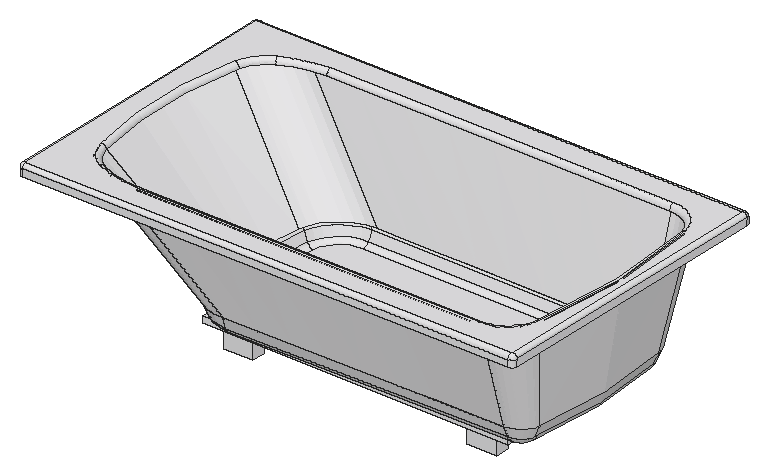
Revit family "Bath-Drop_In-KOHLER-AVEC-K-25832", category Plumbing Fixtures, host Face, Revit 2021
Family settings
  Host = Face
  Round Connector Dimension = Use Diameter
  Part Type = Normal
  OmniClass Number = 23.31.15.00
  OmniClass Title = Bathtubs
  Cut with Voids When Loaded = No
  Shared = No
  Room Calculation Point = No
Parameters (values of type "0-White")
  Width = 36"  # constant formula
  WaterSense Certified = 1 = 0  # no
  Waste Water Outlet = "Waste Water Outlet"  # constant formula
  Waste Connection = 1 = 1  # yes
  Vent Connection = 1 = 0  # no
  URL = "http://www.us.kohler.com/us/"
  Type = 1
  Product Page URL = "http://www.us.kohler.com/us/catalog/productDetails.jsp?productId=25832"
  Product Name = "AVEC"  # constant formula
  Product Documentation Link = "https://www.us.kohler.com/webassets/kpna/catalog/pdf/en/K-25832_spec_US-CA_Kohler_en.pdf"
  Model = if(Type = 1, "K-25832-0", if(Type = 2, "K-25832-96", if(Type = 3, "K-25832-NY", "NA")))  # "K-25832-0"
  Material = "Acrylic"  # constant formula
  Master Format 2014 Name = "Residential Bathtubs"  # constant formula
  Master Format 2014 = "22 41 19"  # constant formula
  Manufacturer Address = "444 Highland Dr.Kohler, WI 53044"  # constant formula
  Manufacturer = "Kohler Co."  # constant formula
  Length = 60"  # constant formula
  Hot Water Inlet = "Hot Water Inlet"  # constant formula
  Height = 18 1/8"  # constant formula
  HW Connection = 1 = 0  # no
  Finish = KOHLER-Acrylic-0-White
  Environmental Product Declaration = ""
  Drain Included = 1 = 1  # yes
  Description = "New Core 60 X 36  Drop-In Bath"  # constant formula
  Default Elevation = 0"
  Declare Label = ""
  Date Modified = "01/05/2023"  # constant formula
  Date Created = "01/05/2023"  # constant formula
  Copyright = "Copyright Kohler Co."  # constant formula
  Contact Us = "https://www.us.kohler.com/us/static/contact.jsp"
  Cold Water Inlet = "Cold Water Inlet"  # constant formula
  CW Connection = 1 = 0  # no
  Assembly Code = "D2010500"
  ADA Compliant = 1 = 0  # no
Reference planes (in)
  plane 1 "Center (Front/Back)": y = 0
  plane 2: z = 0
  plane 3 "Center (Left/Right)": x = 0
  plane 4: y = 18
  plane 5: x = -30
  plane 6: y = -18
  plane 7: x = 30
  plane 8: y = 14.75
  plane 9: y = -14.75
  plane 10: x = -27.40157
  plane 11: x = 28.50394
  plane 12: x = 19.5
  plane 13: z = 1.70703
  plane 14: z = 1.27984
  plane 15: z = -16.84516
  plane 16: z = -15.09713
  plane 17: z = -14.01039
Forms (in)
  Extrusion 1, void
    sketch origin (0, 0, 0) x (1, 0, 0) y (0, 1, 0)
      loop
        arc (-23.5, 16) -> (-27.03553, 14.53553) -> (-28.5, 11) r 5
        line (-28.5, 11) -> (-28.5, -11)
        arc (-28.5, -11) -> (-27.03553, -14.53553) -> (-23.5, -16) r 5
        line (-23.5, -16) -> (24, -16)
        arc (24, -16) -> (27.53553, -14.53553) -> (29, -11) r 5
        line (29, -11) -> (29, 11)
        arc (29, 11) -> (27.53553, 14.53553) -> (24, 16) r 5
        line (24, 16) -> (-23.5, 16)
    from -17.39678 to 0
Dimensions and locks (in)
  "Length": plane 5 to plane 7
  locked: plane 10 to plane 11 at 55.90551
  locked: plane 12 to plane 7 at 10.5
  "Width": plane 6 to plane 4
  locked: plane 8 to plane 9 at 29.5
  "Height": plane 15 to plane 14
  aligned and locked: plane 2 to host face
  aligned and locked: level to host face
  aligned and locked: nested 1 to host face
Automatic sketch dimensions
  host sketch curve to host sketch curve = 96"  (x2)
  Extrusion 1 sketch curve to plane 10 = 1.09843"
  plane 10 to Extrusion 1 sketch curve = 3.90157"  (x2)
  Extrusion 1 sketch curve to plane 12 = 4 1/2"
  Extrusion 1 sketch curve to plane 9 = 1 1/4"
  Extrusion 1 sketch curve to plane 11 = 4.50394"
  plane 11 to Extrusion 1 sketch curve = 0.49606"
  plane 8 to Extrusion 1 sketch curve = 3 3/4"
Nested families (in)
  nested 1: "K-25832" at (0, 0, -16.84221), type "K-25832"
Connectors (in)
  piping at (19.5, 0, -15.09713), diameter 1.5, driven by "Waste Connection", driven by "Waste Water Outlet"
    settings: on nested 1, index 1, connector inside diameter 24", connector length 0", flow factor 0, pipe flow 0 GPM, pressure drop 0.00 psi, fitting loss kfactor 0, connector angle 0.00°, fixture units 0, engagement length 0", angle of deflection 0.00°, flow configuration 0, flow direction 2, fitting loss method 0, system type 16, joint type 0, gender type 0, connector reference index -1, connector utility 1, adjustable connector no, is connector primary yes, connector description "Waste Water Outlet"
Definition of nested family "K-25832"
  Parameters (values of type "K-25832")
    Material = none
    Default Elevation = 0"
  Reference planes (in)
    plane 1 "Center (Front/Back)": y = 0
    plane 2: z = 0
    plane 3 "Center (Left/Right)": x = 0
    plane 4: x = 30
    plane 5: x = -30
    plane 6: y = 18
    plane 7: x = 19.5
    plane 8: x = -27.40157
    plane 9: x = 28.50394
    plane 10 "A": through (-14.96234, -180, 4.16946) normal (0.0349, 0, 0.9994)
    plane 11: z = 1.74508
    plane 12: z = 0
    plane 13: y = -18
    plane 14: y = 14.75
    plane 15: y = -14.75
    plane 16: z = 18.12205
    plane 17: z = 18.54924
    plane 18: z = 16.84221
    plane 19 "1": through (-14.49899, -180, 2.80552) normal (0.0349, 0, 0.9994)
  Forms (in)
    Sweep 1, solid, material <- "Material", detail levels medium+fine
      path origin (0, 0, 0) x (1, 0, 0) y (0, 1, 0)
        loop
          arc (-29.40945, 18) -> (-29.82703, 17.82703) -> (-30, 17.40945) r 0.59055
          line (-30, 17.40945) -> (-30, -17.40945)
          arc (-30, -17.40945) -> (-29.82703, -17.82703) -> (-29.40945, -18) r 0.59055
          line (-29.40945, -18) -> (29.40945, -18)
          arc (29.40945, -18) -> (29.82703, -17.82703) -> (30, -17.40945) r 0.59055
          line (30, -17.40945) -> (30, 17.40945)
          arc (30, 17.40945) -> (29.82703, 17.82703) -> (29.40945, 18) r 0.59055
          line (29.40945, 18) -> (-29.40945, 18)
      profile origin (-30, 0, 0) x (1, 0, 0) y (0, 0, 1)
        loop
          line (0, 17.64961) -> (0, 16.84221) -> (0.47244, 16.84221) -> (0.47244, 18.12205)
          arc (0.47244, 18.12205) -> (0.13837, 17.98367) -> (0, 17.64961) r 0.47244
    Sweep 2, solid, material <- "Material", detail levels medium+fine
      path origin (0, 0, 0) x (1, 0, 0) y (0, 1, 0)
        loop
          arc (-18.30305, 14.75) -> (-21.08723, 14.41501) -> (-23.7125, 13.42917) r 11.73761
          arc (-23.7125, 13.42917) -> (-25.33304, 12.07796) -> (-26.23877, 10.17229) r 4.92126
          arc (-26.23877, 10.17229) -> (-27.40157, 0) -> (-26.23877, -10.17229) r 45.07539
          arc (-26.23877, -10.17229) -> (-25.33304, -12.07796) -> (-23.7125, -13.42917) r 4.92126
          arc (-23.7125, -13.42917) -> (-21.08723, -14.41501) -> (-18.30305, -14.75) r 11.73761
          line (-18.30305, -14.75) -> (23.29724, -14.75)
          arc (23.29724, -14.75) -> (26.09219, -13.72735) -> (27.56715, -11.14238) r 4.33071
          arc (27.56715, -11.14238) -> (28.50394, 0) -> (27.56715, 11.14238) r 66.73359
          arc (27.56715, 11.14238) -> (26.09219, 13.72735) -> (23.29724, 14.75) r 4.33071
          line (23.29724, 14.75) -> (-18.30305, 14.75)
      profile origin (28.50394, 0, 0) x (1, 0, 0) y (0, 0, 1)
        loop
          arc (0, 18.12205) -> (-0.41758, 17.94908) -> (-0.59055, 17.5315) r 0.59055
          line (-0.59055, 17.5315) -> (-0.25302, 17.5315) -> (-0.24935, 17.57349)
          arc (-0.24935, 17.57349) -> (-0.16039, 17.75387) -> (0.02706, 17.82677) r 0.27747
          line (0.02706, 17.82677) -> (0.14472, 17.82677) -> (0.14472, 18.12205) -> (0, 18.12205)
    Extrusion 3, solid, material <- "Material", detail levels medium+fine
      sketch origin (0, 0, 0) x (1, 0, 0) y (0, 1, 0)
        loop
          line (-29.52756, 17.40945) -> (-29.52756, -17.40945)
          arc (-29.52756, -17.40945) -> (-29.49297, -17.49297) -> (-29.40945, -17.52756) r 0.11811
          line (-29.40945, -17.52756) -> (29.40945, -17.52756)
          arc (29.40945, -17.52756) -> (29.49297, -17.49297) -> (29.52756, -17.40945) r 0.11811
          line (29.52756, -17.40945) -> (29.52756, 17.40945)
          arc (29.52756, 17.40945) -> (29.49297, 17.49297) -> (29.40945, 17.52756) r 0.11811
          line (29.40945, 17.52756) -> (-29.40945, 17.52756)
          arc (-29.40945, 17.52756) -> (-29.49297, 17.49297) -> (-29.52756, 17.40945) r 0.11811
        loop
          arc (-18.30305, 14.89472) -> (-21.12156, 14.5556) -> (-23.7792, 13.5576) r 11.88233
          arc (-23.7792, 13.5576) -> (-25.44739, 12.16665) -> (-26.37976, 10.20495) r 5.06598
          arc (-26.37976, 10.20495) -> (-27.54629, 0) -> (-26.37976, -10.20495) r 45.22011
          arc (-26.37976, -10.20495) -> (-25.44739, -12.16665) -> (-23.7792, -13.5576) r 5.06598
          arc (-23.7792, -13.5576) -> (-21.12156, -14.5556) -> (-18.30305, -14.89472) r 11.88233
          line (-18.30305, -14.89472) -> (23.29724, -14.89472)
          arc (23.29724, -14.89472) -> (26.18559, -13.8379) -> (27.70984, -11.16655) r 4.47543
          arc (27.70984, -11.16655) -> (28.64866, 0) -> (27.70984, 11.16655) r 66.87831
          arc (27.70984, 11.16655) -> (26.18559, 13.8379) -> (23.29724, 14.89472) r 4.47543
          line (23.29724, 14.89472) -> (-18.30305, 14.89472)
      from 16.84221 to 18.12205
    Blend 4, solid, material <- "Material", detail levels medium+fine
      base sketch origin (0, 0, 0) x (1, 0, 0) y (0, 1, 0)
        loop
          arc (-15.76821, 6.96742) -> (-16.32469, 0) -> (-15.76821, -6.96742) r 43.89633
          arc (-15.76821, -6.96742) -> (-13.90813, -10.25898) -> (-10.35205, -11.54293) r 5.43901
          line (-10.35205, -11.54293) -> (23.46905, -11.25628)
          arc (23.46905, -11.25628) -> (25.19049, -10.61211) -> (26.09344, -9.01117) r 2.6831
          arc (26.09344, -9.01117) -> (26.83374, 0) -> (26.09344, 9.01117) r 55.21334
          arc (26.09344, 9.01117) -> (25.19049, 10.61211) -> (23.46905, 11.25628) r 2.6831
          line (23.46905, 11.25628) -> (-10.35205, 11.54293)
          arc (-10.35205, 11.54293) -> (-13.90813, 10.25898) -> (-15.76821, 6.96742) r 5.43901
      top sketch origin (0, 0, 0) x (1, 0, 0) y (0, 1, 0)
        loop
          arc (-27.1756, 9.2545) -> (-28.13281, 0) -> (-27.1756, -9.2545) r 45.21607
          arc (-27.1756, -9.2545) -> (-24.70787, -13.30401) -> (-20.23901, -14.89068) r 7.08661
          line (-20.23901, -14.89068) -> (23.61283, -14.89068)
          arc (23.61283, -14.89068) -> (26.40464, -13.87069) -> (27.88136, -11.29118) r 4.33071
          arc (27.88136, -11.29118) -> (28.84147, 0) -> (27.88136, 11.29118) r 66.87427
          arc (27.88136, 11.29118) -> (26.40464, 13.87069) -> (23.61283, 14.89068) r 4.33071
          line (23.61283, 14.89068) -> (-20.23901, 14.89068)
          arc (-20.23901, 14.89068) -> (-24.70787, 13.30401) -> (-27.1756, 9.2545) r 7.08661
      from 5.35112 to 17.5315
    Blend 5, void
      base sketch origin (0, 0, 0) x (1, 0, 0) y (0, 1, 0)
        loop
          arc (-15.46223, 6.32836) -> (-15.92494, -0.09801) -> (-15.43327, -6.52223) r 43.49669
          arc (-15.43327, -6.52223) -> (-13.58618, -9.84226) -> (-10.01558, -11.14043) r 5.43307
          line (-10.01558, -11.14043) -> (23.06514, -10.86005)
          arc (23.06514, -10.86005) -> (24.84261, -10.19103) -> (25.76609, -8.53147) r 2.75794
          arc (25.76609, -8.53147) -> (26.4341, -0.01155) -> (25.76968, 8.50864) r 54.8137
          arc (25.76968, 8.50864) -> (24.8378, 10.18456) -> (23.0432, 10.86023) r 2.78382
          line (23.0432, 10.86023) -> (-9.84449, 11.13898)
          arc (-9.84449, 11.13898) -> (-13.5541, 9.78554) -> (-15.46223, 6.32836) r 5.62992
      top sketch origin (0, 0, 0) x (1, 0, 0) y (0, 1, 0)
        loop
          arc (-20.65754, 14.55315) -> (-24.34778, 13.25819) -> (-26.41963, 9.94124) r 5.90551
          arc (-26.41963, 9.94124) -> (-27.52183, 0) -> (-26.41963, -9.94124) r 45.38349
          arc (-26.41963, -9.94124) -> (-24.34778, -13.25819) -> (-20.65754, -14.55315) r 5.90551
          line (-20.65754, -14.55315) -> (23.21264, -14.55315)
          arc (23.21264, -14.55315) -> (25.75512, -13.62211) -> (27.09508, -11.26935) r 3.93701
          arc (27.09508, -11.26935) -> (28.03648, 0) -> (27.09508, 11.26935) r 67.92292
          arc (27.09508, 11.26935) -> (25.75512, 13.62211) -> (23.21264, 14.55315) r 3.93701
          line (23.21264, 14.55315) -> (-20.65754, 14.55315)
      from 5.35112 to 18.15351
    Extrusion 6, void
      sketch origin (0, 0, 0) x (0, 1, 0) y (0, 0, 1)
        loop
          line (1.85449, 17.02969) -> (-1.85449, 17.02969)
          arc (-1.85449, 17.02969) -> (-1.9726, 16.91158) -> (-1.85449, 16.79347) r 0.11811
          line (-1.85449, 16.79347) -> (1.85449, 16.79347)
          arc (1.85449, 16.79347) -> (1.9726, 16.91158) -> (1.85449, 17.02969) r 0.11811
      from 23.53987 to 28.24084
    Extrusion 7, solid, material <- "Material", detail levels coarse
      sketch origin (0, 0, 0) x (1, 0, 0) y (0, 1, 0)
        loop
          line (-30, 17.40945) -> (-30, -17.40945)
          arc (-30, -17.40945) -> (-29.82703, -17.82703) -> (-29.40945, -18) r 0.59055
          line (-29.40945, -18) -> (29.40945, -18)
          arc (29.40945, -18) -> (29.82703, -17.82703) -> (30, -17.40945) r 0.59055
          line (30, -17.40945) -> (30, 17.40945)
          arc (30, 17.40945) -> (29.82703, 17.82703) -> (29.40945, 18) r 0.59055
          line (29.40945, 18) -> (-29.40945, 18)
          arc (-29.40945, 18) -> (-29.82703, 17.82703) -> (-30, 17.40945) r 0.59055
      from 16.84221 to 18.12205
    Blend 8, solid, material <- "Material", detail levels coarse
      base sketch origin (0, 0, 0) x (1, 0, 0) y (0, 1, 0)
        loop
          arc (-16.94929, 8.40288) -> (-17.66466, 0) -> (-16.94929, -8.40288) r 49.7084
          arc (-16.94929, -8.40288) -> (-16.03441, -10.48885) -> (-14.24982, -11.90429) r 4.72441
          arc (-14.24982, -11.90429) -> (-13.26341, -12.22789) -> (-12.23014, -12.32824) r 4.72441
          line (-12.23014, -12.32824) -> (22.33129, -11.86931)
          arc (22.33129, -11.86931) -> (24.3167, -11.13045) -> (25.385, -9.3011) r 3.14961
          arc (25.385, -9.3011) -> (26.25049, 0) -> (25.385, 9.3011) r 50.41063
          arc (25.385, 9.3011) -> (24.3167, 11.13045) -> (22.33129, 11.86931) r 3.14961
          line (22.33129, 11.86931) -> (-12.23014, 12.32824)
          arc (-12.23014, 12.32824) -> (-13.26341, 12.22789) -> (-14.24982, 11.90429) r 4.72441
          arc (-14.24982, 11.90429) -> (-16.03441, 10.48885) -> (-16.94929, 8.40288) r 4.72441
      top sketch origin (0, 0, 0) x (1, 0, 0) y (0, 1, 0)
        loop
          arc (-18.30305, 14.89472) -> (-21.12156, 14.5556) -> (-23.7792, 13.5576) r 11.88233
          arc (-23.7792, 13.5576) -> (-25.44739, 12.16665) -> (-26.37976, 10.20495) r 5.06598
          arc (-26.37976, 10.20495) -> (-27.54629, 0) -> (-26.37976, -10.20495) r 45.22011
          arc (-26.37976, -10.20495) -> (-25.44739, -12.16665) -> (-23.7792, -13.5576) r 5.06598
          arc (-23.7792, -13.5576) -> (-21.12156, -14.5556) -> (-18.30305, -14.89472) r 11.88233
          line (-18.30305, -14.89472) -> (23.29724, -14.89472)
          arc (23.29724, -14.89472) -> (26.18559, -13.8379) -> (27.70984, -11.16655) r 4.47543
          arc (27.70984, -11.16655) -> (28.64866, 0) -> (27.70984, 11.16655) r 66.87831
          arc (27.70984, 11.16655) -> (26.18559, 13.8379) -> (23.29724, 14.89472) r 4.47543
          line (23.29724, 14.89472) -> (-18.30305, 14.89472)
      from 3.42759 to 18.12205
    Blend 9, void
      base sketch origin (0, 0, 0) x (1, 0, 0) y (0, 1, 0)
        loop
          line (22.36751, 9.0791) -> (-11.94521, 9.54466)
          spline (-11.94521, 9.54466) -> (-12.02963, 9.54429) -> (-12.11399, 9.54091) -> (-12.19817, 9.53451) -> (-12.28208, 9.5251) -> (-12.36559, 9.51269) -> (-12.4486, 9.49731) -> (-12.53101, 9.47896) -> (-12.61272, 9.45768) -> (-12.69361, 9.43349) -> (-12.77358, 9.40641) -> (-12.85254, 9.3765) -> (-12.93038, 9.34378)
          spline (-12.93038, 9.34378) -> (-13.10353, 9.2587) -> (-13.26916, 9.15975) -> (-13.42616, 9.04761) -> (-13.57349, 8.92302) -> (-13.71017, 8.7868) -> (-13.83527, 8.63987) -> (-13.94796, 8.48322) -> (-14.0475, 8.31788) -> (-14.13322, 8.14496) -> (-14.20453, 7.96562) -> (-14.26098, 7.78105) -> (-14.30218, 7.59248)
          spline (-14.30218, 7.59248) -> (-14.50448, 6.33689) -> (-14.67022, 5.07594) -> (-14.79928, 3.81071) -> (-14.89155, 2.54227) -> (-14.94694, 1.27167) -> (-14.96541, 0) -> (-14.94694, -1.27167) -> (-14.89155, -2.54227) -> (-14.79928, -3.81071) -> (-14.67022, -5.07594) -> (-14.50448, -6.33689) -> (-14.30218, -7.59248)
          spline (-14.30218, -7.59248) -> (-14.26368, -7.77063) -> (-14.21157, -7.94528) -> (-14.14616, -8.11539) -> (-14.06783, -8.27995) -> (-13.97705, -8.43797) -> (-13.87437, -8.58852) -> (-13.7604, -8.7307) -> (-13.6358, -8.86366) -> (-13.50134, -8.98662) -> (-13.3578, -9.09883) -> (-13.20604, -9.19964) -> (-13.04696, -9.28844)
          spline (-13.04696, -9.28844) -> (-12.96126, -9.32987) -> (-12.87396, -9.36782) -> (-12.78521, -9.40221) -> (-12.69514, -9.433) -> (-12.6039, -9.46013) -> (-12.51165, -9.48355) -> (-12.41852, -9.50324) -> (-12.32468, -9.51915) -> (-12.23027, -9.53127) -> (-12.13546, -9.53956) -> (-12.04038, -9.54403) -> (-11.94521, -9.54466)
          line (-11.94521, -9.54466) -> (22.36751, -9.0791)
          spline (22.36751, -9.0791) -> (22.50507, -9.06917) -> (22.64054, -9.04325) -> (22.77206, -9.0017) -> (22.89783, -8.94508) -> (23.01615, -8.87417) -> (23.1254, -8.78994) -> (23.22408, -8.69352) -> (23.31085, -8.58625) -> (23.38452, -8.46959) -> (23.44408, -8.34512) -> (23.48874, -8.21455) -> (23.51786, -8.07966)
          spline (23.51786, -8.07966) -> (23.70836, -6.74123) -> (23.86439, -5.39834) -> (23.98586, -4.05188) -> (24.07268, -2.70275) -> (24.1248, -1.35182) -> (24.14217, 0) -> (24.1248, 1.35182) -> (24.07268, 2.70275) -> (23.98586, 4.05188) -> (23.86439, 5.39834) -> (23.70836, 6.74123) -> (23.51786, 8.07966)
          spline (23.51786, 8.07966) -> (23.48874, 8.21455) -> (23.44408, 8.34512) -> (23.38452, 8.46959) -> (23.31085, 8.58625) -> (23.22408, 8.69352) -> (23.1254, 8.78994) -> (23.01615, 8.87417) -> (22.89783, 8.94508) -> (22.77206, 9.0017) -> (22.64054, 9.04325) -> (22.50507, 9.06917) -> (22.36751, 9.0791)
      top sketch origin (0, 0, 0) x (1, 0, 0) y (0, 1, 0)
        loop
          arc (-23.44034, 12.90507) -> (-24.86641, 11.716) -> (-25.66345, 10.03902) r 4.33071
          arc (-25.66345, 10.03902) -> (-26.81102, 0) -> (-25.66345, -10.03902) r 44.48484
          arc (-25.66345, -10.03902) -> (-24.86641, -11.716) -> (-23.44034, -12.90507) r 4.33071
          arc (-23.44034, -12.90507) -> (-20.94715, -13.84132) -> (-18.30305, -14.15945) r 11.14706
          line (-18.30305, -14.15945) -> (23.29724, -14.15945)
          arc (23.29724, -14.15945) -> (25.71106, -13.27625) -> (26.98489, -11.04378) r 3.74016
          arc (26.98489, -11.04378) -> (27.91339, 0) -> (26.98489, 11.04378) r 66.14304
          arc (26.98489, 11.04378) -> (25.71106, 13.27625) -> (23.29724, 14.15945) r 3.74016
          line (23.29724, 14.15945) -> (-18.30305, 14.15945)
          arc (-18.30305, 14.15945) -> (-20.94715, 13.84132) -> (-23.44034, 12.90507) r 11.14706
      from 4.55901 to 18.12205
    Extrusion 10, solid, material <- "Material", detail levels coarse
      sketch origin (-0.49213, 0, 0) x (1, 0, 0) y (0, 1, 0)
        loop
          circle (-10.03317, -6.29853) r 1.47638
        loop
          circle (-10.03317, 6.29861) r 1.47638
        loop
          circle (19.49429, -6.29853) r 1.47638
        loop
          circle (19.49429, 6.29861) r 1.47638
      from 0 to 4.55901
    Extrusion 11, solid, material <- "Material", detail levels coarse
      sketch origin (0, 0, 0) x (1, 0, 0) y (0, 1, 0)
        loop
          circle (19.5, 0) r 0.93638
      from 1.74508 to 4.55901
    Sweep 12, solid, material <- "Material", detail levels medium+fine
      path origin (0, 0, 0) x (1, 0, 0) y (0, 1, 0)
        loop
          arc (-15.84009, -6.97898) -> (-13.95511, -10.31459) -> (-10.35144, -11.61573) r 5.51181
          line (-10.35144, -11.61573) -> (23.46967, -11.32908)
          arc (23.46967, -11.32908) -> (25.23782, -10.66743) -> (26.16526, -9.02305) r 2.75591
          arc (26.16526, -9.02305) -> (26.90654, 0) -> (26.16526, 9.02305) r 55.28614
          arc (26.16526, 9.02305) -> (25.23782, 10.66743) -> (23.46967, 11.32908) r 2.75591
          line (23.46967, 11.32908) -> (-10.35144, 11.61573)
          arc (-10.35144, 11.61573) -> (-13.95511, 10.31459) -> (-15.84009, 6.97898) r 5.51181
          arc (-15.84009, 6.97898) -> (-16.39749, 0) -> (-15.84009, -6.97898) r 43.96913
      profile origin (-16.39749, 0, 0) x (-1, 0, 0) y (0, 0, 1)
        loop
          line (-0.0728, 5.35112) -> (-0.3937, 5.35112)
          arc (-0.3937, 5.35112) -> (-0.53578, 5.19117) -> (-0.63798, 5.00322) r 0.93954
          line (-0.63798, 5.00322) -> (-1.05909, 3.96096)
          arc (-1.05909, 3.96096) -> (-1.34884, 3.60314) -> (-1.78915, 3.46852) r 0.7874
          line (-1.78915, 3.46852) -> (-2.24165, 3.46852) -> (-2.24165, 3.07482) -> (-1.97219, 3.07482)
          arc (-1.97219, 3.07482) -> (-1.15998, 3.32314) -> (-0.62548, 3.98319) r 1.45247
          line (-0.62548, 3.98319) -> (-0.0728, 5.35112)
    Extrusion 13, solid, material <- "Material", detail levels medium+fine
      sketch origin (0, 0, 0) x (1, 0, 0) y (0, 1, 0)
        loop
          arc (23.95367, 8.6572) -> (23.78061, 8.96404) -> (23.45067, 9.08751) r 0.51426
          line (23.45067, 9.08751) -> (-10.37044, 9.37416)
          arc (-10.37044, 9.37416) -> (-12.5085, 8.6022) -> (-13.62686, 6.62317) r 3.27016
          arc (-13.62686, 6.62317) -> (-14.15584, 0) -> (-13.62686, -6.62317) r 41.72748
          arc (-13.62686, -6.62317) -> (-12.5085, -8.6022) -> (-10.37044, -9.37416) r 3.27016
          line (-10.37044, -9.37416) -> (23.45067, -9.08751)
          arc (23.45067, -9.08751) -> (23.78061, -8.96404) -> (23.95367, -8.6572) r 0.51426
          arc (23.95367, -8.6572) -> (24.66489, 0) -> (23.95367, 8.6572) r 53.0445
      from 3.07482 to 3.46852
    Extrusion 14, solid, material <- "Material", detail levels medium+fine
      sketch origin (0, 0, 0) x (1, 0, 0) y (0, 1, 0)
        loop
          line (-14.30878, 9.98843) -> (-14.30878, -9.55875) -> (22.64367, -9.55875) -> (22.64367, -2.55906) -> (16.94094, -2.55906) -> (16.94094, 2.55906) -> (22.64367, 2.55906) -> (22.64367, 9.98843) -> (-14.30878, 9.98843)
      from 0 to 3.28383
    Extrusion 15, void
      sketch origin (0, 0, 0) x (1, 0, 0) y (0, 0, 1)
        loop
          line (-14.78731, 2.52761) -> (-14.78731, -1.99995) -> (23.64957, -1.99995) -> (23.64957, 2.3298) -> (-14.78731, 2.52761)
      from -11.24006 to 10.89508
    Extrusion 16, solid, material <- "Material", detail levels medium+fine
      sketch origin (0, 0, 0) x (1, 0, 0) y (0, 1, 0)
        loop
          line (20.47281, -8.62585) -> (20.47281, -6.95981) -> (16.9295, -6.95981) -> (16.9295, -8.62585) -> (20.47281, -8.62585)
        loop
          line (20.47281, 8.48178) -> (16.9295, 8.48178) -> (16.9295, 6.90267) -> (20.47281, 6.90267) -> (20.47281, 8.48178)
        loop
          line (-8.99856, 8.47748) -> (-12.54186, 8.47748) -> (-12.54186, 6.90267) -> (-8.99856, 6.90267) -> (-8.99856, 8.47748)
        loop
          line (-8.99856, -7.05105) -> (-12.54186, -7.05105) -> (-12.54186, -8.62585) -> (-8.99856, -8.62585) -> (-8.99856, -7.05105)
      from 0 to 3.46646
    Revolve 17, void
      sketch origin (0, 0, 0) x (1, 0, 0) y (0, 0, 1)
        loop
          line (19.5, 4.26706) -> (17.20232, 4.26706) -> (17.76249, 3.57654)
          arc (17.76249, 3.57654) -> (17.94597, 3.50284) -> (18.10328, 3.38303) r 0.73735
          line (18.10328, 3.38303) -> (18.28694, 3.19937)
          arc (18.28694, 3.19937) -> (18.35454, 3.14749) -> (18.43774, 3.12905) r 0.19685
          line (18.43774, 3.12905) -> (19.5, 3.12905) -> (19.5, 4.26706)
        axis (19.5, 4.26706) -> (19.5, 3.12905)
      angle from 0 to 360
    Revolve 18, solid, material <- "Material", detail levels medium+fine
      sketch origin (-66.14173, 0, 0.98425) x (1, 0, 0) y (0, 0, 1)
        loop
          line (85.63694, 0.76083) -> (85.63694, 2.78829)
          arc (85.63694, 2.78829) -> (84.96538, 2.72586) -> (84.31636, 2.5424) r 3.69497
          arc (84.31636, 2.5424) -> (84.28472, 2.48588) -> (84.33452, 2.44447) r 0.05065
          line (84.33452, 2.44447) -> (85.09173, 2.44447) -> (85.09173, 2.35447) -> (84.37019, 2.35447) -> (84.54741, 2.10137) -> (84.70535, 1.94343) -> (84.70535, 0.76083) -> (85.63694, 0.76083)
        axis (85.63694, 2.78829) -> (85.63694, 0.76083)
      angle from 0 to 360
  Cuts and joins
    joined: Sweep 1, Sweep 2, Extrusion 3
    Blend 9 cuts Extrusion 7
    Blend 9 cuts Blend 8
    joined: Extrusion 7, Blend 8, Extrusion 10, Extrusion 11
    Blend 5, Extrusion 6, Revolve 17 cuts Blend 4
    Blend 5, Revolve 17 cuts Sweep 12
    Revolve 17 cuts Extrusion 13
    Extrusion 15 cuts Extrusion 14
    joined: Sweep 12, Extrusion 13, Extrusion 14, Extrusion 16
  Lines and regions (in)
    Masking region 1
      outline origin (0, 0, 0) x (1, 0, 0) y (0, 1, 0)
        loop
          arc (-29.40945, 18) -> (-29.82703, 17.82703) -> (-30, 17.40945) r 0.59055
          line (-30, 17.40945) -> (-30, -17.40945)
          arc (-30, -17.40945) -> (-29.82703, -17.82703) -> (-29.40945, -18) r 0.59055
          line (-29.40945, -18) -> (29.40945, -18)
          arc (29.40945, -18) -> (29.82703, -17.82703) -> (30, -17.40945) r 0.59055
          line (30, -17.40945) -> (30, 17.40945)
          arc (30, 17.40945) -> (29.82703, 17.82703) -> (29.40945, 18) r 0.59055
          line (29.40945, 18) -> (-29.40945, 18)
    Masking region 2
      outline origin (0, 0, 0) x (0, 1, 0) y (0, 0, 1)
        loop
          line (18, 16.84221) -> (18, 17.61396)
          arc (18, 17.61396) -> (17.85118, 17.97323) -> (17.49191, 18.12205) r 0.50809
          line (17.49191, 18.12205) -> (9.39248, 18.12205)
          arc (9.39248, 18.12205) -> (6.83095, 18.34476) -> (4.26427, 18.49707) r 93.66208
          arc (4.26427, 18.49707) -> (3.58322, 18.52564) -> (2.90198, 18.54924) r 93.66205
          line (2.90198, 18.54924) -> (-3.03538, 18.54924)
          arc (-3.03538, 18.54924) -> (-3.8986, 18.46465) -> (-4.76404, 18.40702) r 27.81377
          arc (-4.76404, 18.40702) -> (-6.73981, 18.2854) -> (-8.71258, 18.12205) r 93.62911
          line (-8.71258, 18.12205) -> (-17.52756, 18.12205)
          arc (-17.52756, 18.12205) -> (-17.86163, 17.98367) -> (-18, 17.64961) r 0.47244
          line (-18, 17.64961) -> (-18, 16.84221) -> (-14.51986, 16.84221)
          arc (-14.51986, 16.84221) -> (-14.37514, 15.37291) -> (-14.21122, 13.90563) r 112.91508
          arc (-14.21122, 13.90563) -> (-13.78652, 11.10031) -> (-13.18076, 8.32844) r 43.72071
          arc (-13.18076, 8.32844) -> (-12.86934, 6.97518) -> (-12.61618, 5.60983) r 32.41182
          arc (-12.61618, 5.60983) -> (-11.73227, 3.63676) -> (-9.98669, 2.36111) r 4.21662
          line (-9.98669, 2.36111) -> (-9.98669, 1.96741) -> (-8.54055, 1.89162) -> (-8.54055, 0) -> (-7.04488, 0) -> (-7.04488, 1.83315)
          arc (-7.04488, 1.83315) -> (-4.54044, 1.75125) -> (-2.03482, 1.72331) r 116.31537
          line (-2.03482, 1.72331) -> (-1.88722, 1.53054)
          arc (-1.88722, 1.53054) -> (-1.74651, 1.40714) -> (-1.56472, 1.36266) r 0.3937
          line (-1.56472, 1.36266) -> (1.45381, 1.36266)
          arc (1.45381, 1.36266) -> (1.6202, 1.39955) -> (1.7554, 1.5033) r 0.3937
          line (1.7554, 1.5033) -> (2.00459, 1.8101)
          arc (2.00459, 1.8101) -> (4.47515, 1.80354) -> (6.9457, 1.81001) r 468.33023
          line (6.9457, 1.81001) -> (6.9457, 0) -> (8.46389, 0) -> (8.46389, 1.8876) -> (9.98669, 1.96741) -> (9.98669, 2.36111)
          arc (9.98669, 2.36111) -> (11.73227, 3.63676) -> (12.61618, 5.60983) r 4.21662
          arc (12.61618, 5.60983) -> (12.86934, 6.97518) -> (13.18076, 8.32844) r 32.41182
          arc (13.18076, 8.32844) -> (13.78652, 11.10031) -> (14.21122, 13.90563) r 43.72071
          arc (14.21122, 13.90563) -> (14.37514, 15.37291) -> (14.51986, 16.84221) r 112.91508
          line (14.51986, 16.84221) -> (18, 16.84221)
    Masking region 3
      outline origin (0, 0, 0) x (1, 0, 0) y (0, 0, 1)
        loop
          arc (-29.52756, 18.12205) -> (-29.86163, 17.98367) -> (-30, 17.64961) r 0.47244
          line (-30, 17.64961) -> (-30, 16.84221) -> (-25.55495, 16.84221) -> (-16.97336, 4.23969)
          arc (-16.97336, 4.23969) -> (-15.90036, 3.30836) -> (-14.50747, 3.02812) r 2.78278
          line (-14.50747, 3.02812) -> (-14.50747, 2.76628) -> (-12.4938, 2.69596) -> (-12.4938, 0) -> (-8.9997, 0) -> (-8.9997, 2.58329) -> (16.93709, 1.67756) -> (16.93709, 0) -> (20.49747, 0) -> (20.49747, 1.74508) -> (22.49514, 1.74508) -> (22.49514, 1.94049)
          arc (22.49514, 1.94049) -> (23.59554, 1.97955) -> (24.68088, 2.1652) r 8.22762
          arc (24.68088, 2.1652) -> (26.10472, 3.1566) -> (26.78403, 4.75307) r 3.13762
          line (26.78403, 4.75307) -> (28.27141, 16.86682) -> (30, 16.86682) -> (30, 17.64961)
          arc (30, 17.64961) -> (29.86163, 17.98367) -> (29.52756, 18.12205) r 0.47244
          line (29.52756, 18.12205) -> (-25.40208, 18.12205)
          arc (-25.40208, 18.12205) -> (-25.77508, 18.25343) -> (-26.11998, 18.44692) r 2.2945
          arc (-26.11998, 18.44692) -> (-26.57878, 18.53552) -> (-26.95834, 18.26298) r 0.59055
          arc (-26.95834, 18.26298) -> (-27.01873, 18.18459) -> (-27.09541, 18.12205) r 0.43079
          line (-27.09541, 18.12205) -> (-29.52756, 18.12205)
    symbolic lines, detail levels medium+fine
      curve 1: line (-16.73449, 14.15945, 0) -> (22.79625, 14.15945, 0)
      curve 2: arc (-24.23148, -9.40128, 0) -> (-25.23624, 0, 0) -> (-24.23148, 9.40128, 0) r 44.48484
      curve 3: spline (21.34634, 0, 0) -> (21.09054, -0.95135, 0) -> (20.39362, -1.64727, 0) -> (19.44232, -1.90128, 0) -> (18.49155, -1.64531, 0) -> (17.79606, -0.94797, 0) -> (17.5422, 0.00391, 0) -> (17.79801, 0.95526, 0) -> (18.49493, 1.65117, 0) -> (19.44622, 1.90518, 0) -> (20.397, 1.64922, 0) -> (21.09249, 0.95188, 0) -> (21.34634, 0, 0)
      curve 6: line (-29.80315, 17.40945, 0) -> (-29.80315, -17.40945, 0)
      curve 7: arc (-29.80315, -17.40945, 0) -> (-29.68784, -17.68784, 0) -> (-29.40945, -17.80315, 0) r 0.3937
      curve 8: line (-29.40945, -17.80315, 0) -> (29.40945, -17.80315, 0)
      curve 9: arc (29.40945, -17.80315, 0) -> (29.68784, -17.68784, 0) -> (29.80315, -17.40945, 0) r 0.3937
      curve 10: line (29.80315, -17.40945, 0) -> (29.80315, 17.40945, 0)
      curve 11: arc (29.80315, 17.40945, 0) -> (29.68784, 17.68784, 0) -> (29.40945, 17.80315, 0) r 0.3937
      curve 12: line (29.40945, 17.80315, 0) -> (-29.40945, 17.80315, 0)
      curve 13: arc (-29.40945, 17.80315, 0) -> (-29.68784, 17.68784, 0) -> (-29.80315, 17.40945, 0) r 0.3937
      curve 14: line (0, 14.3916, 18.12174) -> (0, -14.3916, 18.12174)
      curve 15: line (-27.08835, 0, 18.12205) -> (-25.41968, 0, 18.12205)
      curve 16: line (-25.57171, 0, 16.84221) -> (28.27141, 0, 16.84221)
      curve 26: arc (-20.91419, 13.34476, 0) -> (-18.86367, 13.95388, 0) -> (-16.73449, 14.15945, 0) r 11.12915
      curve 27: arc (-24.23148, 9.40128, 0) -> (-23.06207, 11.78457, 0) -> (-20.91419, 13.34476, 0) r 5.51181
      curve 28: arc (27.07186, 10.51736, 0) -> (27.91339, 0, 0) -> (27.07186, -10.51736, 0) r 66.14323
      curve 29: arc (22.79625, 14.15945, 0) -> (25.60452, 13.1255, 0) -> (27.07186, 10.51736, 0) r 4.33071
      curve 30: line (-16.73449, -14.15945, 0) -> (22.79625, -14.15945, 0)
      curve 31: arc (-20.91419, -13.34476, 0) -> (-18.86367, -13.95388, 0) -> (-16.73449, -14.15945, 0) r 11.12915
      curve 32: arc (-24.23148, -9.40128, 0) -> (-23.06207, -11.78457, 0) -> (-20.91419, -13.34476, 0) r 5.51181
      curve 33: arc (22.79625, -14.15945, 0) -> (25.60452, -13.1255, 0) -> (27.07186, -10.51736, 0) r 4.33071
      curve 42: line (-10.69458, 9.92139, 0) -> (20.79657, 9.49411, 0)
      curve 43: arc (-14.44067, 6.75885, 0) -> (-14.96541, 0, 0) -> (-14.44067, -6.75885, 0) r 43.79067
      curve 44: arc (23.68352, 6.93073, 0) -> (24.14217, 0, 0) -> (23.68352, -6.93073, 0) r 52.59473
      curve 45: arc (-14.44067, 6.75885, 0) -> (-13.15804, 9.03948, 0) -> (-10.69458, 9.92139, 0) r 3.74016
      curve 46: arc (23.68352, 6.93073, 0) -> (22.71702, 8.74961, 0) -> (20.79657, 9.49411, 0) r 2.95276
      curve 47: line (-10.69458, -9.92139, 0) -> (20.79657, -9.49411, 0)
      curve 48: arc (-14.44067, -6.75885, 0) -> (-13.15804, -9.03948, 0) -> (-10.69458, -9.92139, 0) r 3.74016
      curve 49: arc (23.68352, -6.93073, 0) -> (22.71702, -8.74961, 0) -> (20.79657, -9.49411, 0) r 2.95276
      curve 50: line (0, 14.51986, 16.84221) -> (0, -14.51986, 16.84221)
      curve 51: line (0, 9.95525, 2.83183) -> (0, -10.04648, 2.83183)
      curve 52: line (0, -10.04648, 2.83183) -> (0, -10.04648, 3.08211)
      curve 53: line (0, -10.04648, 3.08211) -> (0, 9.95525, 3.08211)
      curve 54: line (0, 9.95525, 3.08211) -> (0, 9.95525, 2.83183)
      curve 55: line (0, 9.95525, 2.83183) -> (0, 9.95525, 2.33883)
      curve 56: line (0, 8.46389, 1.8876) -> (0, 8.46389, 2.75231)
      curve 57: line (0, 8.46389, 2.75231) -> (0, 6.9457, 2.75231)
      curve 58: line (0, 6.9457, 2.75231) -> (0, 6.9457, 1.81001)
      curve 59: line (0, -10.04648, 2.83183) -> (0, -10.04648, 2.33145)
      curve 60: line (0, -7.04488, 1.83315) -> (0, -7.04488, 2.7285)
      curve 61: line (0, -7.04488, 2.7285) -> (0, -8.54055, 2.7285)
      curve 62: line (0, -8.54055, 2.7285) -> (0, -8.54055, 1.89162)
      curve 63: arc (0, 9.95525, 2.95697) -> (0, 11.51188, 3.7167) -> (0, 12.48085, 5.15244) r 3.34952
      curve 64: line (0, 0, 4.46006) -> (0, 7.87402, 4.46006)
      curve 65: arc (0, 7.87402, 4.46006) -> (0, 9.35381, 4.51782) -> (0, 10.8246, 4.69072) r 18.98699
      curve 66: arc (0, 10.8246, 4.69072) -> (0, 11.77825, 4.9836) -> (0, 12.61172, 5.53185) r 3.52619
      curve 67: line (0, 0, 4.46006) -> (0, -7.87402, 4.46006)
      curve 68: arc (0, -7.87402, 4.46006) -> (0, -9.35381, 4.51782) -> (0, -10.8246, 4.69072) r 18.98699
      curve 69: arc (0, -10.8246, 4.69072) -> (0, -11.77825, 4.9836) -> (0, -12.61172, 5.53185) r 3.52619
      curve 70: arc (0, -10.04648, 2.97607) -> (0, -11.54684, 3.74751) -> (0, -12.48085, 5.15244) r 3.34952
      curve 71: line (0, 2.00459, 1.8101) -> (0, -2.03482, 1.72331)
      curve 72: line (-14.50747, 0, 3.08121) -> (22.49613, 0, 2.19651)
      curve 73: line (22.49613, 0, 2.19651) -> (22.49613, 0, 1.92584)
      curve 74: line (22.49613, 0, 1.92584) -> (-14.50587, 0, 2.8105)
      curve 75: line (16.93709, 0, 1.67756) -> (19.4999, 0, 1.67756)
      curve 76: line (-12.4938, 0, 2.69596) -> (-9.62088, 0, 2.60785)
      curve 77: line (-8.9997, 0, 2.58329) -> (-9.62088, 0, 2.60785)
      curve 78: line (-14.50747, 0, 3.02812) -> (-14.50747, 0, 3.08121)
      curve 79: arc (19.4999, 0, 1.67756) -> (19.99983, 0, 1.69446) -> (20.49747, 0, 1.74508) r 7.40236
    symbolic lines
      curve 4: circle (19.5, 0, 0) r 1.37795 normal (0, 0, 1)
      curve 5: line (-18.30963, 14.75, 0) -> (23.49371, 14.75, 0)
      curve 17: arc (-26.53342, 9.85196, 0) -> (-27.47279, 0, 0) -> (-26.53342, -9.85196, 0) r 52.13258
      curve 18: arc (27.78774, 10.98177, 0) -> (28.50394, 0, 0) -> (27.78774, -10.98177, 0) r 84.55232
      curve 19: arc (-24.15706, 13.18642, 0) -> (-21.33606, 14.35236, 0) -> (-18.30963, 14.75, 0) r 11.71583
      curve 20: arc (-26.53342, 9.85196, 0) -> (-25.70849, 11.77807, 0) -> (-24.15706, 13.18642, 0) r 4.92126
      curve 21: arc (23.49371, 14.75, 0) -> (26.35021, 13.67436, 0) -> (27.78774, 10.98177, 0) r 4.33071
      curve 22: line (-18.30963, -14.75, 0) -> (23.49371, -14.75, 0)
      curve 23: arc (-24.15706, -13.18642, 0) -> (-21.33606, -14.35236, 0) -> (-18.30963, -14.75, 0) r 11.71583
      curve 24: arc (-26.53342, -9.85196, 0) -> (-25.70849, -11.77807, 0) -> (-24.15706, -13.18642, 0) r 4.92126
      curve 25: arc (23.49371, -14.75, 0) -> (26.35021, -13.67436, 0) -> (27.78774, -10.98177, 0) r 4.33071
      curve 34: line (-12.23014, 12.32824, 0) -> (22.33129, 11.86931, 0)
      curve 35: arc (-16.94929, 8.40288, 0) -> (-17.66466, 0, 0) -> (-16.94929, -8.40288, 0) r 49.7084
      curve 36: arc (25.385, 9.3011, 0) -> (26.25049, 0, 0) -> (25.385, -9.3011, 0) r 50.41063
      curve 37: arc (-16.94929, 8.40288, 0) -> (-15.31407, 11.23638, 0) -> (-12.23014, 12.32824, 0) r 4.72441
      curve 38: arc (22.33129, 11.86931, 0) -> (24.3167, 11.13045, 0) -> (25.385, 9.3011, 0) r 3.14961
      curve 39: line (-12.23014, -12.32824, 0) -> (22.33129, -11.86931, 0)
      curve 40: arc (-16.94929, -8.40288, 0) -> (-15.31407, -11.23638, 0) -> (-12.23014, -12.32824, 0) r 4.72441
      curve 41: arc (22.33129, -11.86931, 0) -> (24.3167, -11.13045, 0) -> (25.385, -9.3011, 0) r 3.14961
  Dimensions and locks (in)
    equal spacing: plane 5, plane 3 "Center (Left/Right)", plane 4
    locked: plane 5 to plane 4 at 60
    locked: plane 7 to plane 4 at 10.5
    plane 5 to plane 8 to plane 9 = 2.59843" locked, 55.90551" locked
    equal spacing: plane 6, plane 1 "Center (Front/Back)", plane 13
    locked: plane 6 to plane 13 at 36
    plane 16 to level = 18.12205"
    locked: plane 16 to level at 18.12205
    aligned and locked: plane 2 to level
    aligned and locked: plane 13 to Sweep 1 sketch curve
  Automatic sketch dimensions
    plane 1 "Center (Front/Back)" to curve 18 = 0"
    plane 1 "Center (Front/Back)" to curve 28 = 0"
    plane 1 "Center (Front/Back)" to curve 44 = 0"
    plane 1 "Center (Front/Back)" to curve 36 = 0"
    plane 15 to curve 23 = 0"
    curve 19 to plane 14 = 0"
    plane 1 "Center (Front/Back)" to curve 2 = 0"
    plane 1 "Center (Front/Back)" to curve 4 = 0"
    curve 4 to plane 7 = 0"
    plane 1 "Center (Front/Back)" to curve 17 = 0"
    plane 1 "Center (Front/Back)" to curve 43 = 0"
    plane 1 "Center (Front/Back)" to curve 35 = 0"
    curve 2 to plane 7 = 0.2514"
    curve 47 to plane 15 = 4.82861"
    curve 47 to plane 3 "Center (Left/Right)" = 10.69458"
    curve 42 to plane 14 = 4.82861"
    curve 42 to plane 3 "Center (Left/Right)" = 10.69458"
    curve 45 to curve 45 = 0.05074"
    curve 48 to curve 48 = 0.05074"
    curve 39 to plane 15 = 2.42176"
    curve 39 to curve 47 = 1.53556"
    curve 34 to plane 14 = 2.42176"
    curve 34 to curve 45 = 1.53556"
    curve 40 to curve 48 = 1.54755"
    curve 37 to curve 45 = 1.54755"
    curve 1 to plane 14 = 0.59055"
    curve 1 to curve 37 = 4.50435"
    plane 1 "Center (Front/Back)" to curve 31 = 3.0303"
    curve 31 to curve 26 = 0"
    curve 5 to curve 26 = 1.57514"
    curve 23 to curve 31 = 1.57514"
    curve 27 to curve 19 = 0.53453"
    curve 32 to curve 23 = 0.53453"
    curve 24 to curve 32 = 2.85667"
    curve 20 to curve 27 = 2.85667"
    curve 36 to plane 8 = 3.24144"
    plane 8 to curve 44 = 1.05098"
    curve 8 to plane 13 = 0.19685"
    curve 8 to plane 5 = 0.59055"
    curve 13 to plane 5 = 0.59055"
    curve 6 to plane 5 = 0.19685"
    plane 5 to curve 28 = 8.22984"
    curve 18 to curve 28 = 17.81854"
    plane 7 to curve 49 = 1.25651"
    plane 7 to curve 46 = 1.25651"
    plane 7 to curve 47 = 1.29657"
    plane 7 to curve 42 = 1.29657"
    curve 47 to curve 41 = 1.49289"
    curve 42 to curve 38 = 1.49289"
    curve 42 to curve 34 = 1.53471"
    curve 47 to curve 39 = 1.53471"
    curve 34 to curve 1 = 0.46496"
    curve 30 to plane 15 = 0.59055"
    curve 39 to curve 30 = 0.46496"
    curve 29 to curve 21 = 0.69747"
    curve 30 to curve 22 = 0.69747"
    plane 9 to curve 17 = 3.84414"
    curve 43 to plane 9 = 0.32133"
    curve 9 to plane 4 = 0.59055"
    curve 12 to plane 6 = 0.19685"
    curve 12 to plane 4 = 0.59055"
    curve 10 to plane 4 = 0.19685"
    plane 4 to curve 35 = 2.04374"
    curve 33 to curve 39 = 2.29014"
    curve 41 to curve 25 = 1.45001"
    curve 25 to curve 33 = 0.59055"
    curve 33 to curve 47 = 0.33463"
    curve 24 to plane 15 = 5.82805"
    curve 33 to curve 41 = 1.10876"
    curve 24 to curve 32 = 0.68552"
    curve 47 to curve 40 = 2.31715"
    curve 41 to curve 49 = 2.17835"
    curve 40 to curve 48 = 1.42267"
    curve 23 to curve 31 = 0.00387"
    curve 26 to plane 1 "Center (Front/Back)" = 3.0303"
    curve 26 to curve 19 = 0.00387"
    curve 45 to curve 45 = 3.73981"
    curve 46 to plane 1 "Center (Front/Back)" = 6.54163"
    curve 45 to curve 37 = 1.42267"
    curve 27 to curve 37 = 0.16644"
    curve 46 to curve 38 = 2.17835"
    curve 27 to curve 20 = 0.68552"
    curve 38 to curve 42 = 0.77414"
    curve 38 to curve 29 = 1.10876"
    curve 29 to curve 21 = 0.59055"
    curve 21 to curve 34 = 1.45001"
    curve 3 to plane 7 = 0.05573"
    curve 43 to curve 48 = 0"
    curve 35 to curve 40 = 0"
    curve 27 to curve 26 = 0"
    curve 32 to curve 31 = 0"
    curve 20 to curve 19 = 0"
    curve 24 to curve 23 = 0"
    curve 2 to curve 32 = 0"
    curve 17 to curve 20 = 0"
    curve 3 to plane 1 "Center (Front/Back)" = 0"
    curve 4 to curve 3 = 1.84634"
    plane 1 "Center (Front/Back)" to curve 3 = 0"
    curve 44 to curve 46 = 0"
    curve 36 to curve 41 = 0"
    curve 28 to curve 33 = 0"
    curve 18 to curve 21 = 0"
    plane 1 "Center (Front/Back)" to curve 3 = 1.90128"
    curve 3 to plane 1 "Center (Front/Back)" = 0.00195"
    curve 50 to plane 18 = 0"
    curve 64 to plane 1 "Center (Front/Back)" = 0"
    plane 11 to curve 61 = 0.98342"
    plane 1 "Center (Front/Back)" to curve 61 = 7.04488"
    curve 68 to plane 15 = 6.87598"
    curve 61 to curve 60 = 1.49567"
    curve 70 to curve 67 = 1.44038"
    curve 59 to curve 61 = 1.50593"
    curve 69 to curve 70 = 0.96223"
    plane 11 to curve 57 = 1.00723"
    curve 57 to plane 1 "Center (Front/Back)" = 6.9457"
    curve 57 to curve 64 = 0.92831"
    curve 57 to curve 56 = 1.51818"
    curve 65 to curve 63 = 1.44038"
    curve 56 to curve 51 = 1.49136"
    curve 63 to curve 66 = 0.96223"
    plane 11 to curve 55 = 1.08674"
    curve 51 to curve 54 = 0.25028"
    curve 61 to curve 67 = 1.73156"
    curve 67 to curve 70 = 1.78455"
    curve 65 to curve 63 = 1.78455"
    curve 70 to curve 69 = 1.92947"
    curve 63 to curve 66 = 1.92947"
    curve 65 to plane 17 = 4.8978"
    curve 68 to plane 17 = 4.8978"
    curve 71 to plane 11 = 0.02177"
    plane 1 "Center (Front/Back)" to curve 71 = 2.03482"
    curve 69 to curve 68 = 0"
    curve 70 to curve 69 = 1 21/32"
    curve 69 to curve 70 = 0.13086"
    curve 14 to plane 16 = 0.00031"
    curve 14 to plane 15 = 0.3584"
    curve 50 to plane 15 = 0.23014"
    plane 11 to curve 71 = 0.06501"
    curve 71 to plane 1 "Center (Front/Back)" = 2.00459"
    curve 66 to curve 65 = 0"
    curve 66 to curve 63 = 1 21/32"
    curve 63 to curve 66 = 0.13086"
    curve 14 to plane 14 = 0.3584"
    curve 50 to plane 14 = 0.23014"
    curve 55 to curve 51 = 0.493"
    curve 59 to curve 51 = 0.50037"
    plane 11 to curve 62 = 0.14654"
    plane 11 to curve 56 = 0.14252"
    plane 11 to curve 60 = 0.08806"
    plane 11 to curve 58 = 0.06493"
    curve 51 to curve 63 = 0.12514"
    curve 70 to curve 52 = 0.10604"
    Sweep 1 sketch curve to plane 5 = 0"
    Sweep 1 sketch curve to plane 6 = 0"
    Sweep 1 sketch curve to plane 4 = 0"
    Sweep 1 sketch curve to plane 5 = 0.59055"
    Sweep 1 sketch curve to Sweep 1 sketch curve = 0.59055"  (x2)
    Sweep 1 sketch curve to plane 4 = 0.59055"
    profile plane to Sweep 1 sketch curve = 0"
    Sweep 1 sketch curve to Sweep 1 sketch curve = 0.47244"
    level to Sweep 1 sketch curve = 16.84221"
    Sweep 1 sketch curve to Sweep 1 sketch curve = 0.80739"
    plane 1 "Center (Front/Back)" to Sweep 2 sketch curve = 0"  (x2)
    Sweep 2 sketch curve to plane 14 = 0"
    plane 15 to Sweep 2 sketch curve = 0"
    plane 5 to Sweep 2 sketch curve = 8.22966"
    Sweep 2 sketch curve to plane 8 = 5.95711"  (x2)
    plane 1 "Center (Front/Back)" to Sweep 2 sketch curve = 3.01239"
    Sweep 2 sketch curve to Sweep 2 sketch curve = 3.14142"  (x2)
    Sweep 2 sketch curve to plane 7 = 1.82619"
    plane 7 to Sweep 2 sketch curve = 3.79724"  (x2)
    Sweep 2 sketch curve to plane 15 = 4.33071"
    Sweep 2 sketch curve to plane 15 = 5.6883"
    Sweep 2 sketch curve to plane 1 "Center (Front/Back)" = 3.01239"
    Sweep 2 sketch curve to plane 14 = 5.6883"
    Sweep 2 sketch curve to Sweep 2 sketch curve = 4.33071"
    Sweep 2 sketch curve to plane 8 = 1.1628"  (x2)
    Sweep 2 sketch curve to Sweep 2 sketch curve = 0"  (x2)
    profile plane to Sweep 2 sketch curve = 0"
    profile plane to Sweep 2 sketch curve = 0.24935"
    Sweep 2 sketch curve to Sweep 2 sketch curve = 0.00367"
    Sweep 2 sketch curve to Sweep 2 sketch curve = 0.33753"
    Sweep 2 sketch curve to profile plane = 0.02706"
    Sweep 2 sketch curve to Sweep 2 sketch curve = 0.14472"
    level to Sweep 2 sketch curve = 17.5315"
    Sweep 2 sketch curve to Sweep 2 sketch curve = 0.01781"
    Sweep 2 sketch curve to Sweep 2 sketch curve = 0.04199"
    plane 1 "Center (Front/Back)" to Extrusion 3 sketch curve = 0"  (x2)
    plane 5 to Extrusion 3 sketch curve = 8.22966"
    Extrusion 3 sketch curve to plane 5 = 0.47244"
    Extrusion 3 sketch curve to Extrusion 3 sketch curve = 0.11811"  (x3)
    Extrusion 3 sketch curve to plane 8 = 5.95711"  (x2)
    plane 1 "Center (Front/Back)" to Extrusion 3 sketch curve = 3.01239"
    Extrusion 3 sketch curve to Extrusion 3 sketch curve = 3.14142"
    Extrusion 3 sketch curve to plane 1 "Center (Front/Back)" = 3.01239"
    Extrusion 3 sketch curve to Extrusion 3 sketch curve = 0"  (x4)
    Extrusion 3 sketch curve to plane 7 = 1.82619"
    plane 14 to Extrusion 3 sketch curve = 0.14472"
    plane 7 to Extrusion 3 sketch curve = 3.79724"  (x2)
    Extrusion 3 sketch curve to plane 4 = 0.59055"  (x2)
    Extrusion 3 sketch curve to plane 15 = 5.6883"
    Extrusion 3 sketch curve to plane 15 = 4.33071"
    plane 15 to Extrusion 3 sketch curve = 0.14472"
    Extrusion 3 sketch curve to plane 13 = 0.59055"
    Extrusion 3 sketch curve to plane 14 = 5.6883"
    Extrusion 3 sketch curve to plane 14 = 4.33071"
    Extrusion 3 sketch curve to plane 6 = 0.59055"
    Extrusion 3 sketch curve to plane 8 = 1.02182"
    plane 1 "Center (Front/Back)" to Blend 4 sketch curve = 0"  (x4)
    plane 5 to Blend 4 sketch curve = 8.03281"
    plane 14 to Blend 4 sketch curve = 0.14068"
    Blend 4 sketch curve to plane 8 = 7.16257"  (x2)
    plane 15 to Blend 4 sketch curve = 0.14068"
    Blend 4 sketch curve to plane 7 = 2.41674"
    plane 7 to Blend 4 sketch curve = 4.11283"  (x2)
    Blend 4 sketch curve to plane 15 = 4.19003"
    Blend 4 sketch curve to Blend 4 sketch curve = 7.08661"  (x2)
    Blend 4 sketch curve to plane 14 = 4.19003"
    Blend 4 sketch curve to Blend 4 sketch curve = 0"  (x5)
    plane 1 "Center (Front/Back)" to Blend 5 sketch curve = 0"  (x4)
    plane 5 to Blend 5 sketch curve = 9.88645"
    Blend 5 sketch curve to plane 14 = 0.19685"
    Blend 5 sketch curve to plane 8 = 6.74404"  (x2)
    Blend 5 sketch curve to plane 15 = 0.19685"
    Blend 5 sketch curve to plane 7 = 1.63833"
    plane 7 to Blend 5 sketch curve = 3.71264"  (x2)
    Blend 5 sketch curve to Blend 5 sketch curve = 3.93701"  (x2)
    Blend 5 sketch curve to Blend 5 sketch curve = 5.90551"  (x2)
    Blend 5 sketch curve to Blend 5 sketch curve = 0"  (x4)
    plane 18 to Extrusion 6 sketch curve = 3/16"
    plane 1 "Center (Front/Back)" to Extrusion 6 sketch curve = 1.85449"
    Extrusion 6 sketch curve to plane 18 = 0.04874"
    Extrusion 6 sketch curve to plane 1 "Center (Front/Back)" = 1.85449"
    Masking region 1 sketch curve to plane 5 = 0"
    Masking region 1 sketch curve to plane 6 = 0"
    plane 13 to Masking region 1 sketch curve = 0"
    Masking region 1 sketch curve to plane 4 = 0"
    Masking region 1 sketch curve to Masking region 1 sketch curve = 0.59055"
    Masking region 1 sketch curve to plane 5 = 0.59055"
    Masking region 1 sketch curve to plane 4 = 0.59055"  (x2)
    Masking region 2 sketch curve to plane 13 = 0"
    Masking region 2 sketch curve to plane 16 = 0"  (x2)
    Masking region 2 sketch curve to plane 18 = 0"  (x2)
    Masking region 2 sketch curve to level = 0"  (x2)
    plane 17 to Masking region 2 sketch curve = 0"
    Masking region 2 sketch curve to plane 1 "Center (Front/Back)" = 0"
    Masking region 2 sketch curve to plane 6 = 0"
    Masking region 2 sketch curve to plane 17 = 0.49458"  (x2)
    plane 13 to Masking region 2 sketch curve = 11.20651"
    level to Masking region 2 sketch curve = 0.38473"  (x2)
    Masking region 2 sketch curve to Masking region 2 sketch curve = 15.39754"  (x2)
    Masking region 2 sketch curve to plane 17 = 8.62651"  (x2)
    Masking region 2 sketch curve to Masking region 2 sketch curve = 53.31733"  (x2)
    Masking region 2 sketch curve to plane 13 = 0.47244"
    Masking region 2 sketch curve to plane 15 = 0.23014"
    plane 11 to Masking region 2 sketch curve = 0.22233"  (x2)
    Masking region 2 sketch curve to plane 15 = 4.76331"
    Masking region 2 sketch curve to Masking region 2 sketch curve = 5.80729"
    plane 11 to Masking region 2 sketch curve = 0.14654"
    Masking region 2 sketch curve to Masking region 2 sketch curve = 1.44615"
    Masking region 2 sketch curve to Masking region 2 sketch curve = 1.53199"
    Masking region 2 sketch curve to Masking region 2 sketch curve = 1.49567"
    plane 1 "Center (Front/Back)" to Masking region 2 sketch curve = 6.17926"
    plane 1 "Center (Front/Back)" to Masking region 2 sketch curve = 3.03538"
    Masking region 2 sketch curve to plane 11 = 0.02177"
    plane 1 "Center (Front/Back)" to Masking region 2 sketch curve = 2.03482"
    plane 1 "Center (Front/Back)" to Masking region 2 sketch curve = 1.99116"
    Masking region 2 sketch curve to plane 11 = 0.21454"
    Masking region 2 sketch curve to Masking region 2 sketch curve = 0.1476"
    Masking region 2 sketch curve to Masking region 2 sketch curve = 0.3225"
    plane 1 "Center (Front/Back)" to Masking region 2 sketch curve = 0.00098"
    plane 1 "Center (Front/Back)" to Masking region 2 sketch curve = 0.00032"
    plane 11 to Masking region 2 sketch curve = 0.01128"
    Masking region 2 sketch curve to plane 1 "Center (Front/Back)" = 1.45381"
    Masking region 2 sketch curve to plane 11 = 0.24179"
    Masking region 2 sketch curve to Masking region 2 sketch curve = 0.30159"
    plane 11 to Masking region 2 sketch curve = 0.06501"
    Masking region 2 sketch curve to Masking region 2 sketch curve = 0.24919"
    Masking region 2 sketch curve to plane 1 "Center (Front/Back)" = 2.90198"
    Masking region 2 sketch curve to plane 1 "Center (Front/Back)" = 4.48351"
    plane 11 to Masking region 2 sketch curve = 0.06493"
    Masking region 2 sketch curve to Masking region 2 sketch curve = 1.509"
    Masking region 2 sketch curve to Masking region 2 sketch curve = 1.51818"  (x7)
    plane 11 to Masking region 2 sketch curve = 0.14252"
    Masking region 2 sketch curve to Masking region 2 sketch curve = 6.4905"
    plane 11 to Masking region 2 sketch curve = 0.61603"
    Masking region 2 sketch curve to Masking region 2 sketch curve = 3.04099"  (x4)
    Masking region 2 sketch curve to plane 14 = 0.23014"
    Masking region 2 sketch curve to plane 6 = 0.50809"
    plane 6 to Masking region 2 sketch curve = 11.20651"
    Masking region 2 sketch curve to level = 75.06781"
    Masking region 2 sketch curve to Masking region 2 sketch curve = 0.00005"
    Masking region 2 sketch curve to Masking region 2 sketch curve = 0.03295"
    Masking region 2 sketch curve to Masking region 2 sketch curve = 0.05847"
    Masking region 2 sketch curve to Masking region 2 sketch curve = 0.3937"
    Masking region 2 sketch curve to Masking region 2 sketch curve = 3.92848"  (x2)
    Masking region 2 sketch curve to plane 17 = 27.63552"
    Masking region 2 sketch curve to Masking region 2 sketch curve = 352.09509"
    Masking region 2 sketch curve to Masking region 2 sketch curve = 0"  (x4)
    plane 5 to Masking region 3 sketch curve = 0"
    Masking region 3 sketch curve to plane 16 = 0"  (x2)
    Masking region 3 sketch curve to plane 18 = 0"
    Masking region 3 sketch curve to plane 10 "A" = 0"
    Masking region 3 sketch curve to level = 0"  (x2)
    Masking region 3 sketch curve to plane 4 = 0"
    Masking region 3 sketch curve to Masking region 3 sketch curve = 0.47244"
    Masking region 3 sketch curve to plane 8 = 0.07403"
    Masking region 3 sketch curve to plane 8 = 0.30616"
    Masking region 3 sketch curve to plane 16 = 0.16336"
    Masking region 3 sketch curve to Masking region 3 sketch curve = 0.6432"
    Masking region 3 sketch curve to Masking region 3 sketch curve = 0.89727"
    Masking region 3 sketch curve to Masking region 3 sketch curve = 1.05014"
    Masking region 3 sketch curve to Masking region 3 sketch curve = 0.57299"
    plane 11 to Masking region 3 sketch curve = 2.49461"
    Masking region 3 sketch curve to Masking region 3 sketch curve = 2.30014"
    Masking region 3 sketch curve to Masking region 3 sketch curve = 2.46588"
    plane 11 to Masking region 3 sketch curve = 0.95087"
    Masking region 3 sketch curve to Masking region 3 sketch curve = 2.01367"
    Masking region 3 sketch curve to Masking region 3 sketch curve = 3.49409"
    Masking region 3 sketch curve to plane 11 = 0.06753"
    Masking region 3 sketch curve to plane 7 = 2.56291"
    plane 7 to Masking region 3 sketch curve = 0.99747"
    plane 11 to Masking region 3 sketch curve = 0.1954"
    Masking region 3 sketch curve to Masking region 3 sketch curve = 1.99766"
    plane 7 to Masking region 3 sketch curve = 3.25411"
    Masking region 3 sketch curve to Masking region 3 sketch curve = 1.17466"
    plane 9 to Masking region 3 sketch curve = 1.7199"
    plane 18 to Masking region 3 sketch curve = 0.02461"
    plane 9 to Masking region 3 sketch curve = 0.23252"
    Masking region 3 sketch curve to plane 4 = 0.47244"
    plane 11 to Masking region 3 sketch curve = 0.83821"
    plane 11 to Masking region 3 sketch curve = 1.02119"
    Masking region 3 sketch curve to Masking region 3 sketch curve = 0.26184"
    plane 11 to Masking region 3 sketch curve = 3.00798"
    Masking region 3 sketch curve to Masking region 3 sketch curve = 0.38238"
    Masking region 3 sketch curve to Masking region 3 sketch curve = 5.02859"
    plane 17 to Masking region 3 sketch curve = 0.06429"
    Masking region 3 sketch curve to plane 17 = 1.79461"
    Masking region 3 sketch curve to Masking region 3 sketch curve = 0"
    Extrusion 7 sketch curve to plane 5 = 0"
    plane 13 to Extrusion 7 sketch curve = 0"
    Extrusion 7 sketch curve to plane 6 = 0"
    Extrusion 7 sketch curve to plane 4 = 0"
    Extrusion 7 sketch curve to plane 5 = 0.59055"  (x2)
    Extrusion 7 sketch curve to plane 4 = 0.59055"
    Extrusion 7 sketch curve to Extrusion 7 sketch curve = 0.59055"
    Blend 8 sketch curve to Blend 8 sketch curve = 0"  (x10)
    plane 1 "Center (Front/Back)" to Blend 8 sketch curve = 0"  (x4)
    Blend 8 sketch curve to plane 8 = 3.24144"
    Blend 8 sketch curve to plane 3 "Center (Left/Right)" = 12.29287"  (x2)
    Blend 8 sketch curve to plane 15 = 2.42176"
    Blend 8 sketch curve to Blend 8 sketch curve = 0.06273"  (x2)
    Blend 8 sketch curve to plane 14 = 2.42176"
    plane 7 to Blend 8 sketch curve = 2.78947"  (x2)
    plane 7 to Blend 8 sketch curve = 2.83129"  (x2)
    plane 4 to Blend 8 sketch curve = 2.04374"
    Blend 8 sketch curve to plane 15 = 2.88069"
    Blend 8 sketch curve to Blend 8 sketch curve = 3.14933"
    Blend 8 sketch curve to Blend 8 sketch curve = 4.72399"  (x2)
    Blend 8 sketch curve to plane 14 = 6.03002"
    Blend 8 sketch curve to plane 14 = 2.88069"
    Blend 8 sketch curve to Blend 8 sketch curve = 2.01967"  (x2)
    plane 5 to Blend 8 sketch curve = 8.22966"
    Blend 8 sketch curve to plane 8 = 5.95711"  (x2)
    plane 1 "Center (Front/Back)" to Blend 8 sketch curve = 3.01239"
    Blend 8 sketch curve to Blend 8 sketch curve = 3.14142"
    Blend 8 sketch curve to plane 1 "Center (Front/Back)" = 3.01239"
    Blend 8 sketch curve to plane 7 = 1.82619"
    plane 14 to Blend 8 sketch curve = 0.14472"
    plane 7 to Blend 8 sketch curve = 3.79724"  (x2)
    Blend 8 sketch curve to plane 15 = 5.6883"
    Blend 8 sketch curve to plane 15 = 4.33071"
    plane 15 to Blend 8 sketch curve = 0.14472"
    Blend 8 sketch curve to plane 14 = 5.6883"
    Blend 8 sketch curve to plane 14 = 4.33071"
